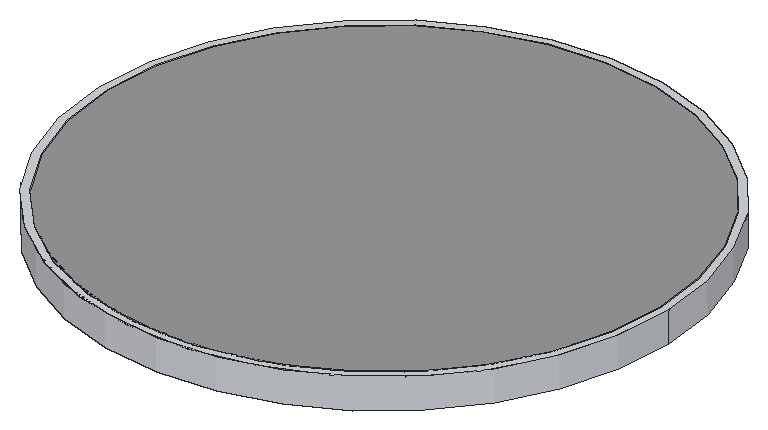
Revit family "2071313", category Lighting Fixtures, host Face, Revit 2018
Family settings
  Host = Face
  Round Connector Dimension = Use Diameter
  Part Type = Junction Box
  OmniClass Number = 23.80.70.00
  OmniClass Title = Lighting
  Cut with Voids When Loaded = No
  Light Source = Yes
  Shared = No
  Room Calculation Point = No
Parameters (values of type "2071313 COLOSSAL 1200 840 OP DIR+H WHT DALI")
  iner diameter = 1168 mm
  Weight = "n/a"
  Wattage Comments = ""
  Wattage = 30 W
  WarrantyStartDate [instance] = "n/a"
  WarrantyGuarantorParts = "n/a"
  WarrantyDurationUnit = "n/a"
  WarrantyDurationParts = ""
  WarrantyDescription = "http://www.sylvania-lighting.com"
  built-in parameter 1150110 = 1 (stored number, unit not read)
  Voltage = 230 V
  URL = "0.95"
  TypeName = "COLOSSAL 1200mm 840 OPAL DIR+HAL WHITE DALI"
  Type Image = <None>
  Type Comments = "n/a"
  built-in parameter 1114217 = 1 (stored number, unit not read)
  Tilt Angle = -90.00°
  built-in parameter 1150109 = 1 (stored number, unit not read)
  built-in parameter 1150134 = (empty or 0)
  built-in parameter 1150113 = 1 (stored number, unit not read)
  SerialNumber [instance] = "n/a"
  Photometric Web File = "2071313.ies"
  Material_3_SYL = LED-Sylvania
  PowerFactor = 0
  PowerConsumption = "Lighting"
  NominalLength = 1168 mm
  NominalHeight = 93 mm
  NominalDepth = 1168 mm
  Name = "COLOSSAL 1200mm 840 OPAL DIR+HAL WHITE DALI"
  ModelReference = Name  # "COLOSSAL 1200mm 840 OPAL DIR+HAL WHITE DALI"
  ModelNumber = "2071313"
  Model = Name  # "COLOSSAL 1200mm 840 OPAL DIR+HAL WHITE DALI"
  Material = "Feilo Sylvania"
  ManufacturerName = "144 lm/W"
  Manufacturer = ""
  LuminousEfficacy = ""
  built-in parameter 1150105 = 270.44 (stored number, unit not read)
  Lumens = 3398.4 lm
  LuminaireType = "0"
  built-in parameter 1150115 = 1 (stored number, unit not read)
  LightOutputRatio = "LED"
  built-in parameter 1150137 = (empty or 0)
  built-in parameter 1150139 = (empty or 0)
  LampsType = Lamp  # "n/a"
  LampNominalLuminous = "4000 K"
  LampMacAdamStep = "80"
  LampColourTemperature = "LED"
  LampColourRenderingIndex = "16500"
  built-in parameter 1150112 = 1 (stored number, unit not read)
  built-in parameter 1150114 = 1 (stored number, unit not read)
  Lamp = "n/a"
  Keynote = "n/a"
  InstallationDate [instance] = "n/a"
  InputVoltage = "0"
  InputNominalFrequency = "4000"
  built-in parameter 1150132 = (empty or 0)
  built-in parameter 1150102 = (empty or 0)
  built-in parameter 1150107 = 3000 (stored number, unit not read)
  built-in parameter 1150138 = (empty or 0)
  IngressProtection = "IfcLightFixtureType"
  ImpactProtectionIndex = "IfcLightFixtureType"
  built-in parameter 1150106 = 2.7044 (stored number, unit not read)
  IfcExportType = "IfcLightFixtureType"
  IfcExportAs = "Class I"
  Emit from Circle Diameter = 385 mm
  Emit Shape Visible in Rendering = no
  ElectricShockClassification = "144"
  built-in parameter 1150104 = 10.524 (stored number, unit not read)
  DocumentationLiterature = "http://www.sylvania-lighting.com/product/en-int/products/2071313"
  DimmingControlOptions = "n/a"
  Material_2_SYL = Polycarbonate_Sylvania_White
  Dimming Lamp Color Temperature Shift = <None>
  Description = "1200mm diameter circular architectural luminaire, can be surface mounted or suspended. Powder coated aluminium housing (RAL9016) with polycarbonate opal diffuser. Direct/indirect (halo) light distribution, 22175lm luminuous flux, 153.6W system power, 144lm/W luminiaire efficacy. DALI dimmable. Colour rendering index Ra >80, 4000K Neutral White LED, chromaticity tolerance of 3-step MacAdam ellipse. IP40/IP20, IK03. 450mA drive current. Electrical protection Class1, 220-240V. Reported lifetime 66k hours L90B10."
  Default Elevation = 1219.2 mm
  CreatedOn = "23/03/2022"
  CreatedBy = "@sylvania-lighting.com"
  Cost = 0
  Color Filter = 16777215
  built-in parameter 1114216 [instance] = (empty or 0)
  ClassificationValue = "EF_70_80"
  ClassificationName = "Uniclass2015"
  Material_1_SYL = Polycarbonate_Sylvania_Opal
  BarCode [instance] = "n/a"
  built-in parameter 1114218 = 1 (stored number, unit not read)
  built-in parameter 1150133 = 10 (stored number, unit not read)
  AssetType = "Fixed"
  AssetIdentifier [instance] = "n/a"
  Assembly Code = "D5020200"
  Apparent Load = 153.6 VA
  Material_4_SYL = none
Reference planes
  plane 1 "Center (Front/Back)": y = 0
  plane 2: z = 0
  plane 3 "Center (Left/Right)": x = 0
  plane 4: z = 1.161
  plane 5: z = 16.161
  plane 6: y = 584
  plane 7: y = -584
  plane 8: x = 85
  plane 9: x = -85
  plane 10: through (0, 0, 1219.2) normal (0.5, 0.866, 0)
  plane 11: through (42.5, 73.612, 1219.2) normal (0.5, 0.866, 0)
  plane 12: through (-42.5, -73.612, 1219.2) normal (0.5, 0.866, 0)
  plane 13: through (0, 0, 1219.2) normal (0.5, -0.866, 0)
  plane 14: through (-42.5, 73.612, 1219.2) normal (0.5, -0.866, 0)
  plane 15: through (42.5, -73.612, 1219.2) normal (0.5, -0.866, 0)
  plane 16: z = 93
  plane 17: y = 584
  plane 18: y = -584
  plane 19: y = -429
  plane 20: x = -584
  plane 21: x = 584
Forms (mm)
  Extrusion 1, solid, detail levels medium+fine
    sketch origin (0, 0, 0) x (0.866025, -0.5, 0) y (0.5, 0.866025, 0)
      loop
        circle (-50, 86.603) r 22
    from 0 to 2
  Extrusion 2, solid, detail levels medium+fine
    sketch origin (0, 0, 0) x (0.866025, -0.5, 0) y (0.5, 0.866025, 0)
      loop
        circle (100, 0) r 22
      loop
        circle (-50, -86.603) r 22
    from 0 to 2
  Extrusion 3, solid, detail levels medium+fine
    sketch origin (0, 0, 0) x (1, 0, 0) y (0, 1, 0)
      loop
        circle (0, 0) r 584
    from 30 to 93
  Extrusion 4, void
    sketch origin (0, 0, 0) x (1, 0, 0) y (0, 1, 0)
      loop
        circle (0, 0) r 568
    from 96.588 to 37.292
  Extrusion 5, solid, material "Glass, White, High Luminance", detail levels fine
    sketch origin (0, 0, 0) x (1, 0, 0) y (0, 1, 0)
      loop
        circle (0, 0) r 568
    from 88.022 to 93
  Extrusion 6, solid, detail levels coarse
    sketch origin (0, 0, 0) x (1, 0, 0) y (0, 1, 0)
      loop
        line (-584, 584) -> (-584, -584) -> (584, -584) -> (584, 584) -> (-584, 584)
    from 0 to 93
  Blend 7, solid, detail levels medium+fine
    base sketch origin (-10.814, 11.299, 29.922) x (1, 0, 0) y (0, 1, 0)
      loop
        line (-402.654, -330.622) -> (397.346, -330.622) -> (482.346, -183.398) -> (82.346, 509.423) -> (-87.654, 509.423) -> (-487.654, -183.398) -> (-402.654, -330.622)
    top sketch origin (-10.814, 11.299, 29.922) x (1, 0, 0) y (0, 1, 0)
      loop
        line (-363.391, -306.496) -> (364.632, -306.496) -> (449.632, -159.272) -> (87.132, 468.597) -> (-82.868, 468.597) -> (-445.368, -159.272) -> (-363.391, -306.496)
    from 0 to -30
Cuts and joins
  Extrusion 4 cuts Extrusion 1
  Extrusion 4 cuts Extrusion 2
  Extrusion 4 cuts Extrusion 3
Lines and regions (mm)
  model lines, detail levels medium+fine
    curve 1: circle (0, 0, 0) r 155 normal (0, 0, 1)
  reference lines
    curve 2: circle (0, 0, 0) r 489 normal (0, 0, 1)
    curve 3: circle (0, 0, 0) r 521 normal (0, 0, 1)
    curve 4: line (0, 0, 0) -> (606.218, -350, 0)
    curve 5: line (0, 0, 0) -> (0, 825, 0)
    curve 6: line (0, 0, 0) -> (-623.538, -360, 0)
    curve 7: line (639.013, -270.785, 0) -> (85, 49.075, 0)
    curve 8: line (563.718, -423.612, 0) -> (0, -98.15, 0)
    curve 9: line (85, 49.075, 0) -> (85, 825, 0)
    curve 10: line (-85, 49.075, 0) -> (-85, 825, 0)
    curve 11: line (-85, 49.075, 0) -> (-666.038, -286.388, 0)
    curve 12: line (-581.038, -433.612, 0) -> (0, -98.15, 0)
Dimensions and locks
  plane 4 to level = 1.161 mm
  locked: plane 5 to plane 4 at 15
  "NominalDepth": plane 6 to plane 7
  plane 6 to plane 1 "Center (Front/Back)" to plane 7 = 584 mm, 584 mm
  "NominalHeight": level to plane 16
  equal spacing: plane 17, plane 1 "Center (Front/Back)", plane 18
  "NominalLength": plane 20 to plane 21
  equal spacing: plane 20, plane 3 "Center (Left/Right)", plane 21
  aligned and locked: plane 2 to host face
  aligned and locked: level to host face
  aligned and locked: plane 6 to Extrusion 6
Automatic sketch dimensions
  host sketch curve to host sketch curve = 2438.4 mm  (x2)
  Extrusion 1 sketch curve to plane 3 "Center (Left/Right)" = 0 mm
  Extrusion 1 sketch curve to plane 1 "Center (Front/Back)" = 100 mm
  plane 1 "Center (Front/Back)" to Extrusion 2 sketch curve = 50 mm
  Extrusion 2 sketch curve to plane 3 "Center (Left/Right)" = 86.603 mm
  Extrusion 2 sketch curve to Extrusion 2 sketch curve = 150 mm
  Extrusion 2 sketch curve to Extrusion 2 sketch curve = 86.603 mm
  plane 1 "Center (Front/Back)" to curve 1 = 0 mm
  curve 1 to plane 3 "Center (Left/Right)" = 0 mm
  plane 1 "Center (Front/Back)" to Extrusion 3 sketch curve = 0 mm
  Extrusion 3 sketch curve to plane 3 "Center (Left/Right)" = 0 mm
  plane 1 "Center (Front/Back)" to Extrusion 4 sketch curve = 0 mm
  Extrusion 4 sketch curve to plane 3 "Center (Left/Right)" = 0 mm
  plane 1 "Center (Front/Back)" to Extrusion 5 sketch curve = 0 mm
  Extrusion 5 sketch curve to plane 3 "Center (Left/Right)" = 0 mm
  curve 2 to curve 3 = 0 mm  (x2)
  curve 11 to plane 14 = 0 mm
  curve 6 to plane 13 = 0 mm
  curve 12 to plane 15 = 0 mm
  curve 10 to plane 9 = 0 mm
  curve 12 to plane 3 "Center (Left/Right)" = 0 mm
  plane 1 "Center (Front/Back)" to curve 3 = 0 mm
  curve 3 to plane 3 "Center (Left/Right)" = 0 mm
  curve 7 to plane 8 = 0 mm
  curve 11 to plane 10 = 0 mm
  curve 12 to plane 19 = 4.612 mm
  plane 19 to curve 6 = 69 mm
  plane 19 to curve 11 = 142.612 mm
  plane 19 to curve 8 = 5.388 mm
  plane 19 to curve 4 = 79 mm
  plane 19 to curve 7 = 158.215 mm
  plane 6 to curve 5 = 241 mm
  curve 10 to curve 5 = 0 mm
  curve 5 to curve 9 = 0 mm
  plane 1 "Center (Front/Back)" to curve 6 = 0 mm
  curve 6 to plane 3 "Center (Left/Right)" = 0 mm
  Extrusion 6 sketch curve to plane 7 = 0 mm
  Extrusion 6 sketch curve to plane 6 = 0 mm
  Blend 7 sketch curve to plane 6 = 756.098 mm  (x2)
  Blend 7 sketch curve to Blend 7 sketch curve = 85 mm
  plane 3 "Center (Left/Right)" to Blend 7 sketch curve = 386.532 mm
  plane 8 to Blend 7 sketch curve = 386.532 mm
  Blend 7 sketch curve to plane 6 = 63.278 mm
  Blend 7 sketch curve to plane 6 = 731.972 mm  (x2)
  Blend 7 sketch curve to Blend 7 sketch curve = 81.977 mm
  plane 3 "Center (Left/Right)" to Blend 7 sketch curve = 353.818 mm
  plane 8 to Blend 7 sketch curve = 353.818 mm
  Blend 7 sketch curve to plane 6 = 104.104 mm
  plane 12 to curve 8 = 0 mm
  plane 19 to Blend 7 sketch curve = 109.677 mm
  plane 19 to Blend 7 sketch curve = 133.803 mm
  plane 8 to Extrusion 6 sketch curve = 499 mm
  Extrusion 6 sketch curve to plane 9 = 499 mm
  Blend 7 sketch curve to plane 8 = 13.468 mm
  Blend 7 sketch curve to plane 9 = 13.468 mm
  Blend 7 sketch curve to plane 9 = 328.468 mm
  Blend 7 sketch curve to plane 8 = 8.682 mm
  Blend 7 sketch curve to plane 9 = 8.682 mm
  Blend 7 sketch curve to plane 9 = 289.205 mm
  plane 10 to curve 4 = 0 mm
  plane 11 to curve 7 = 0 mm
  curve 12 to plane 12 = 0 mm
  curve 9 to plane 11 = 0 mm
  radius of Extrusion 1 sketch curve = 22 mm
  radius of Extrusion 2 sketch curve = 22 mm  (x2)
  radius of curve 1 = 155 mm
  radius of Extrusion 3 sketch curve = 584 mm
  radius of Extrusion 4 sketch curve = 568 mm
  radius of Extrusion 5 sketch curve = 568 mm
  radius of curve 2 = 489 mm
  radius of curve 3 = 521 mm
Connectors
  electrical at (0, 0, 30)
    settings: on cut or joined group of Extrusion 3, Extrusion 4, index 1, voltage 0 V, apparent load 0 VA, apparent load phase1 0 VA, apparent load phase2 0 VA, apparent load phase3 0 VA, power factor 1, load classification "Other", number of poles 1, system type 31, power factor state 1, is connector primary yes, connector utility no, sub classification motor no, connector description ""
